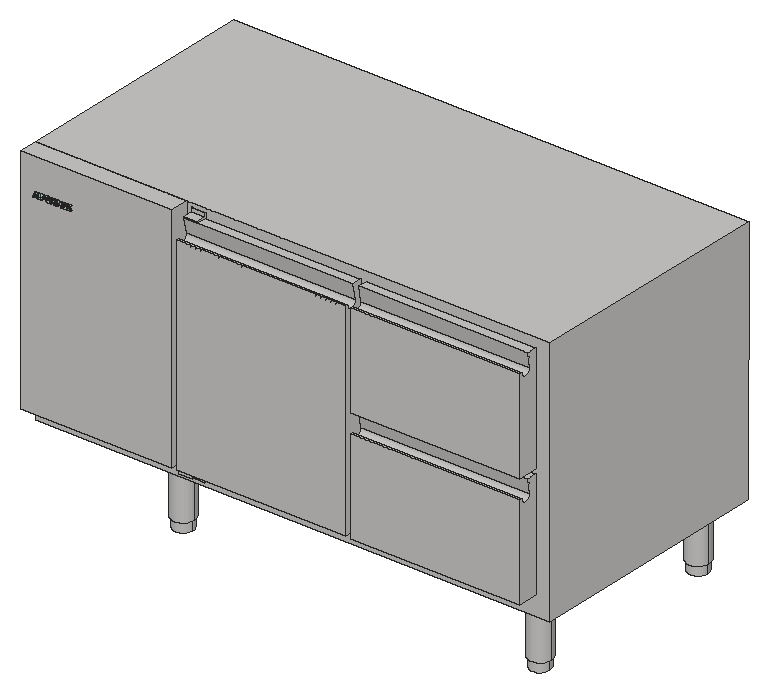
Revit family "QF_ALPENINOX_712678_AJ2F7AB", category Specialty Equipment, Revit 2018 (continued)
Definition of nested family "APX_BI_BT_L_650"
  Lines and regions (mm)
    Split face 122
      outline origin (-5, -975.3, 50) x (1, 0, 0) y (0, 1, 0)
        loop
          arc (-121.464, 661.474) -> (-117.464, 665.474) -> (-121.464, 669.474) r 4
          line (-121.464, 669.474) -> (-163.464, 669.474)
    Split face 123
      outline origin (325, -975.3, 50) x (1, 0, 0) y (0, 1, 0)
        loop
          arc (-328.464, 669.474) -> (-332.464, 665.474) -> (-328.464, 661.474) r 4
          line (-328.464, 661.474) -> (-286.464, 661.474)
          arc (-286.464, 661.474) -> (-282.464, 665.474) -> (-286.464, 669.474) r 4
          line (-286.464, 669.474) -> (-328.464, 669.474)
    Split face 124
      outline origin (105, -975.3, 50) x (1, 0, 0) y (0, 1, 0)
        loop
          arc (-218.464, 669.474) -> (-222.464, 665.474) -> (-218.464, 661.474) r 4
          line (-218.464, 661.474) -> (-176.464, 661.474)
          arc (-176.464, 661.474) -> (-172.464, 665.474) -> (-176.464, 669.474) r 4
          line (-176.464, 669.474) -> (-218.464, 669.474)
    Split face 125
      outline origin (215, -975.3, 50) x (1, 0, 0) y (0, 1, 0)
        loop
          arc (-273.464, 669.474) -> (-277.464, 665.474) -> (-273.464, 661.474) r 4
          line (-273.464, 661.474) -> (-231.464, 661.474)
          arc (-231.464, 661.474) -> (-227.464, 665.474) -> (-231.464, 669.474) r 4
          line (-231.464, 669.474) -> (-273.464, 669.474)
    Split face 126
      outline origin (-5, -999.3, 50) x (1, 0, 0) y (0, 1, 0)
        loop
          arc (-163.464, 681.474) -> (-167.464, 677.474) -> (-163.464, 673.474) r 4
          line (-163.464, 673.474) -> (-121.464, 673.474)
          arc (-121.464, 673.474) -> (-117.464, 677.474) -> (-121.464, 681.474) r 4
          line (-121.464, 681.474) -> (-163.464, 681.474)
    Split face 127
      outline origin (325, -999.3, 50) x (1, 0, 0) y (0, 1, 0)
        loop
          arc (-328.464, 681.474) -> (-332.464, 677.474) -> (-328.464, 673.474) r 4
          line (-328.464, 673.474) -> (-286.464, 673.474)
          arc (-286.464, 673.474) -> (-282.464, 677.474) -> (-286.464, 681.474) r 4
          line (-286.464, 681.474) -> (-328.464, 681.474)
    Split face 128
      outline origin (105, -999.3, 50) x (1, 0, 0) y (0, 1, 0)
        loop
          arc (-218.464, 681.474) -> (-222.464, 677.474) -> (-218.464, 673.474) r 4
          line (-218.464, 673.474) -> (-176.464, 673.474)
          arc (-176.464, 673.474) -> (-172.464, 677.474) -> (-176.464, 681.474) r 4
          line (-176.464, 681.474) -> (-218.464, 681.474)
    Split face 129
      outline origin (215, -999.3, 50) x (1, 0, 0) y (0, 1, 0)
        loop
          arc (-273.464, 681.474) -> (-277.464, 677.474) -> (-273.464, 673.474) r 4
          line (-273.464, 673.474) -> (-231.464, 673.474)
          arc (-231.464, 673.474) -> (-227.464, 677.474) -> (-231.464, 681.474) r 4
          line (-231.464, 681.474) -> (-273.464, 681.474)
    Split face 130
      outline origin (-5, -1023.3, 50) x (1, 0, 0) y (0, 1, 0)
        loop
          arc (-163.464, 693.474) -> (-167.464, 689.474) -> (-163.464, 685.474) r 4
          line (-163.464, 685.474) -> (-121.464, 685.474)
          arc (-121.464, 685.474) -> (-117.464, 689.474) -> (-121.464, 693.474) r 4
          line (-121.464, 693.474) -> (-163.464, 693.474)
    Split face 131
      outline origin (325, -1023.3, 50) x (1, 0, 0) y (0, 1, 0)
        loop
          arc (-328.464, 693.474) -> (-332.464, 689.474) -> (-328.464, 685.474) r 4
          line (-328.464, 685.474) -> (-286.464, 685.474)
          arc (-286.464, 685.474) -> (-282.464, 689.474) -> (-286.464, 693.474) r 4
          line (-286.464, 693.474) -> (-328.464, 693.474)
    Split face 132
      outline origin (105, -1023.3, 50) x (1, 0, 0) y (0, 1, 0)
        loop
          arc (-218.464, 693.474) -> (-222.464, 689.474) -> (-218.464, 685.474) r 4
          line (-218.464, 685.474) -> (-176.464, 685.474)
          arc (-176.464, 685.474) -> (-172.464, 689.474) -> (-176.464, 693.474) r 4
          line (-176.464, 693.474) -> (-218.464, 693.474)
    Split face 133
      outline origin (215, -1023.3, 50) x (1, 0, 0) y (0, 1, 0)
        loop
          arc (-273.464, 693.474) -> (-277.464, 689.474) -> (-273.464, 685.474) r 4
          line (-273.464, 685.474) -> (-231.464, 685.474)
          arc (-231.464, 685.474) -> (-227.464, 689.474) -> (-231.464, 693.474) r 4
          line (-231.464, 693.474) -> (-273.464, 693.474)
    Split face 134
      outline origin (0, 0, 50) x (1, 0, 0) y (0, 1, 0)
        loop
          arc (51.536, 131.824) -> (47.536, 127.824) -> (51.536, 123.824) r 4
          line (51.536, 123.824) -> (93.536, 123.824)
          arc (93.536, 123.824) -> (97.536, 127.824) -> (93.536, 131.824) r 4
          line (93.536, 131.824) -> (51.536, 131.824)
    Split face 135
      outline origin (0, 0, 50) x (1, 0, 0) y (0, 1, 0)
        loop
          arc (106.536, 131.824) -> (102.536, 127.824) -> (106.536, 123.824) r 4
          line (106.536, 123.824) -> (148.536, 123.824)
          arc (148.536, 123.824) -> (152.536, 127.824) -> (148.536, 131.824) r 4
          line (148.536, 131.824) -> (106.536, 131.824)
    Split face 136
      outline origin (0, -24, 50) x (1, 0, 0) y (0, 1, 0)
        loop
          arc (51.536, 143.824) -> (47.536, 139.824) -> (51.536, 135.824) r 4
          line (51.536, 135.824) -> (93.536, 135.824)
          arc (93.536, 135.824) -> (97.536, 139.824) -> (93.536, 143.824) r 4
          line (93.536, 143.824) -> (51.536, 143.824)
    Split face 137
      outline origin (0, -24, 50) x (1, 0, 0) y (0, 1, 0)
        loop
          arc (106.536, 143.824) -> (102.536, 139.824) -> (106.536, 135.824) r 4
          line (106.536, 135.824) -> (148.536, 135.824)
          arc (148.536, 135.824) -> (152.536, 139.824) -> (148.536, 143.824) r 4
          line (148.536, 143.824) -> (106.536, 143.824)
    Split face 138
      outline origin (0, -48, 50) x (1, 0, 0) y (0, 1, 0)
        loop
          arc (51.536, 155.824) -> (47.536, 151.824) -> (51.536, 147.824) r 4
          line (51.536, 147.824) -> (93.536, 147.824)
          arc (93.536, 147.824) -> (97.536, 151.824) -> (93.536, 155.824) r 4
          line (93.536, 155.824) -> (51.536, 155.824)
    Split face 139
      outline origin (0, -48, 50) x (1, 0, 0) y (0, 1, 0)
        loop
          arc (106.536, 155.824) -> (102.536, 151.824) -> (106.536, 147.824) r 4
          line (106.536, 147.824) -> (148.536, 147.824)
          arc (148.536, 147.824) -> (152.536, 151.824) -> (148.536, 155.824) r 4
          line (148.536, 155.824) -> (106.536, 155.824)
    Split face 140
      outline origin (0, -72, 50) x (1, 0, 0) y (0, 1, 0)
        loop
          arc (51.536, 167.824) -> (47.536, 163.824) -> (51.536, 159.824) r 4
          line (51.536, 159.824) -> (93.536, 159.824)
          arc (93.536, 159.824) -> (97.536, 163.824) -> (93.536, 167.824) r 4
          line (93.536, 167.824) -> (51.536, 167.824)
    Split face 141
      outline origin (0, -72, 50) x (1, 0, 0) y (0, 1, 0)
        loop
          arc (106.536, 167.824) -> (102.536, 163.824) -> (106.536, 159.824) r 4
          line (106.536, 159.824) -> (148.536, 159.824)
          arc (148.536, 159.824) -> (152.536, 163.824) -> (148.536, 167.824) r 4
          line (148.536, 167.824) -> (106.536, 167.824)
    Split face 142
      outline origin (0, -96, 50) x (1, 0, 0) y (0, 1, 0)
        loop
          arc (51.536, 179.824) -> (47.536, 175.824) -> (51.536, 171.824) r 4
          line (51.536, 171.824) -> (93.536, 171.824)
          arc (93.536, 171.824) -> (97.536, 175.824) -> (93.536, 179.824) r 4
          line (93.536, 179.824) -> (51.536, 179.824)
    Split face 143
      outline origin (0, -96, 50) x (1, 0, 0) y (0, 1, 0)
        loop
          arc (106.536, 179.824) -> (102.536, 175.824) -> (106.536, 171.824) r 4
          line (106.536, 171.824) -> (148.536, 171.824)
          arc (148.536, 171.824) -> (152.536, 175.824) -> (148.536, 179.824) r 4
          line (148.536, 179.824) -> (106.536, 179.824)
    Split face 144
      outline origin (0, -120, 50) x (1, 0, 0) y (0, 1, 0)
        loop
          arc (51.536, 191.824) -> (47.536, 187.824) -> (51.536, 183.824) r 4
          line (51.536, 183.824) -> (93.536, 183.824)
          arc (93.536, 183.824) -> (97.536, 187.824) -> (93.536, 191.824) r 4
          line (93.536, 191.824) -> (51.536, 191.824)
    Split face 145
      outline origin (0, -120, 50) x (1, 0, 0) y (0, 1, 0)
        loop
          arc (106.536, 191.824) -> (102.536, 187.824) -> (106.536, 183.824) r 4
          line (106.536, 183.824) -> (148.536, 183.824)
          arc (148.536, 183.824) -> (152.536, 187.824) -> (148.536, 191.824) r 4
          line (148.536, 191.824) -> (106.536, 191.824)
    Split face 146
      outline origin (0, -144, 50) x (1, 0, 0) y (0, 1, 0)
        loop
          arc (51.536, 203.824) -> (47.536, 199.824) -> (51.536, 195.824) r 4
          line (51.536, 195.824) -> (93.536, 195.824)
          arc (93.536, 195.824) -> (97.536, 199.824) -> (93.536, 203.824) r 4
          line (93.536, 203.824) -> (51.536, 203.824)
    Split face 147
      outline origin (0, -144, 50) x (1, 0, 0) y (0, 1, 0)
        loop
          arc (106.536, 203.824) -> (102.536, 199.824) -> (106.536, 195.824) r 4
          line (106.536, 195.824) -> (148.536, 195.824)
          arc (148.536, 195.824) -> (152.536, 199.824) -> (148.536, 203.824) r 4
          line (148.536, 203.824) -> (106.536, 203.824)
    Split face 148
      outline origin (0, -168, 50) x (1, 0, 0) y (0, 1, 0)
        loop
          arc (51.536, 215.824) -> (47.536, 211.824) -> (51.536, 207.824) r 4
          line (51.536, 207.824) -> (93.536, 207.824)
          arc (93.536, 207.824) -> (97.536, 211.824) -> (93.536, 215.824) r 4
          line (93.536, 215.824) -> (51.536, 215.824)
    Split face 149
      outline origin (0, -168, 50) x (1, 0, 0) y (0, 1, 0)
        loop
          arc (106.536, 215.824) -> (102.536, 211.824) -> (106.536, 207.824) r 4
          line (106.536, 207.824) -> (148.536, 207.824)
          arc (148.536, 207.824) -> (152.536, 211.824) -> (148.536, 215.824) r 4
          line (148.536, 215.824) -> (106.536, 215.824)
    Split face 150
      outline origin (0, -192, 50) x (1, 0, 0) y (0, 1, 0)
        loop
          arc (51.536, 227.824) -> (47.536, 223.824) -> (51.536, 219.824) r 4
          line (51.536, 219.824) -> (93.536, 219.824)
          arc (93.536, 219.824) -> (97.536, 223.824) -> (93.536, 227.824) r 4
          line (93.536, 227.824) -> (51.536, 227.824)
    Split face 151
      outline origin (0, -192, 50) x (1, 0, 0) y (0, 1, 0)
        loop
          arc (106.536, 227.824) -> (102.536, 223.824) -> (106.536, 219.824) r 4
          line (106.536, 219.824) -> (148.536, 219.824)
          arc (148.536, 219.824) -> (152.536, 223.824) -> (148.536, 227.824) r 4
          line (148.536, 227.824) -> (106.536, 227.824)
    Split face 152
      outline origin (0, -216, 50) x (1, 0, 0) y (0, 1, 0)
        loop
          arc (51.536, 239.824) -> (47.536, 235.824) -> (51.536, 231.824) r 4
          line (51.536, 231.824) -> (93.536, 231.824)
          arc (93.536, 231.824) -> (97.536, 235.824) -> (93.536, 239.824) r 4
          line (93.536, 239.824) -> (51.536, 239.824)
    Split face 153
      outline origin (0, -216, 50) x (1, 0, 0) y (0, 1, 0)
        loop
          arc (106.536, 239.824) -> (102.536, 235.824) -> (106.536, 231.824) r 4
          line (106.536, 231.824) -> (148.536, 231.824)
          arc (148.536, 231.824) -> (152.536, 235.824) -> (148.536, 239.824) r 4
          line (148.536, 239.824) -> (106.536, 239.824)
    Split face 154
      outline origin (0, -240, 50) x (1, 0, 0) y (0, 1, 0)
        loop
          arc (51.536, 251.824) -> (47.536, 247.824) -> (51.536, 243.824) r 4
          line (51.536, 243.824) -> (93.536, 243.824)
          arc (93.536, 243.824) -> (97.536, 247.824) -> (93.536, 251.824) r 4
          line (93.536, 251.824) -> (51.536, 251.824)
    Split face 155
      outline origin (0, -240, 50) x (1, 0, 0) y (0, 1, 0)
        loop
          arc (106.536, 251.824) -> (102.536, 247.824) -> (106.536, 243.824) r 4
          line (106.536, 243.824) -> (148.536, 243.824)
          arc (148.536, 243.824) -> (152.536, 247.824) -> (148.536, 251.824) r 4
          line (148.536, 251.824) -> (106.536, 251.824)
    Split face 156
      outline origin (0, -264, 50) x (1, 0, 0) y (0, 1, 0)
        loop
          arc (51.536, 263.824) -> (47.536, 259.824) -> (51.536, 255.824) r 4
          line (51.536, 255.824) -> (93.536, 255.824)
          arc (93.536, 255.824) -> (97.536, 259.824) -> (93.536, 263.824) r 4
          line (93.536, 263.824) -> (51.536, 263.824)
    Split face 157
      outline origin (0, -264, 50) x (1, 0, 0) y (0, 1, 0)
        loop
          arc (106.536, 263.824) -> (102.536, 259.824) -> (106.536, 255.824) r 4
          line (106.536, 255.824) -> (148.536, 255.824)
          arc (148.536, 255.824) -> (152.536, 259.824) -> (148.536, 263.824) r 4
          line (148.536, 263.824) -> (106.536, 263.824)
    Split face 158
      outline origin (0, -288, 50) x (1, 0, 0) y (0, 1, 0)
        loop
          arc (51.536, 275.824) -> (47.536, 271.824) -> (51.536, 267.824) r 4
          line (51.536, 267.824) -> (93.536, 267.824)
          arc (93.536, 267.824) -> (97.536, 271.824) -> (93.536, 275.824) r 4
          line (93.536, 275.824) -> (51.536, 275.824)
    Split face 159
      outline origin (0, -288, 50) x (1, 0, 0) y (0, 1, 0)
        loop
          arc (106.536, 275.824) -> (102.536, 271.824) -> (106.536, 267.824) r 4
          line (106.536, 267.824) -> (148.536, 267.824)
          arc (148.536, 267.824) -> (152.536, 271.824) -> (148.536, 275.824) r 4
          line (148.536, 275.824) -> (106.536, 275.824)
    Split face 160
      outline origin (0, -312, 50) x (1, 0, 0) y (0, 1, 0)
        loop
          arc (51.536, 287.824) -> (47.536, 283.824) -> (51.536, 279.824) r 4
          line (51.536, 279.824) -> (93.536, 279.824)
          arc (93.536, 279.824) -> (97.536, 283.824) -> (93.536, 287.824) r 4
          line (93.536, 287.824) -> (51.536, 287.824)
    Split face 161
      outline origin (0, -312, 50) x (1, 0, 0) y (0, 1, 0)
        loop
          arc (106.536, 287.824) -> (102.536, 283.824) -> (106.536, 279.824) r 4
          line (106.536, 279.824) -> (148.536, 279.824)
          arc (148.536, 279.824) -> (152.536, 283.824) -> (148.536, 287.824) r 4
          line (148.536, 287.824) -> (106.536, 287.824)
    Split face 162
      outline origin (0, -336, 50) x (1, 0, 0) y (0, 1, 0)
        loop
          arc (51.536, 299.824) -> (47.536, 295.824) -> (51.536, 291.824) r 4
          line (51.536, 291.824) -> (93.536, 291.824)
          arc (93.536, 291.824) -> (97.536, 295.824) -> (93.536, 299.824) r 4
          line (93.536, 299.824) -> (51.536, 299.824)
    Split face 163
      outline origin (0, -336, 50) x (1, 0, 0) y (0, 1, 0)
        loop
          arc (106.536, 299.824) -> (102.536, 295.824) -> (106.536, 291.824) r 4
          line (106.536, 291.824) -> (148.536, 291.824)
          arc (148.536, 291.824) -> (152.536, 295.824) -> (148.536, 299.824) r 4
          line (148.536, 299.824) -> (106.536, 299.824)
    Split face 164
      outline origin (0, -360, 50) x (1, 0, 0) y (0, 1, 0)
        loop
          arc (51.536, 311.824) -> (47.536, 307.824) -> (51.536, 303.824) r 4
          line (51.536, 303.824) -> (93.536, 303.824)
          arc (93.536, 303.824) -> (97.536, 307.824) -> (93.536, 311.824) r 4
          line (93.536, 311.824) -> (51.536, 311.824)
    Split face 165
      outline origin (0, -360, 50) x (1, 0, 0) y (0, 1, 0)
        loop
          arc (106.536, 311.824) -> (102.536, 307.824) -> (106.536, 303.824) r 4
          line (106.536, 303.824) -> (148.536, 303.824)
          arc (148.536, 303.824) -> (152.536, 307.824) -> (148.536, 311.824) r 4
          line (148.536, 311.824) -> (106.536, 311.824)
    Split face 166
      outline origin (0, -663.3, 50) x (1, 0, 0) y (0, 1, 0)
        loop
          arc (51.536, 513.474) -> (47.536, 509.474) -> (51.536, 505.474) r 4
          line (51.536, 505.474) -> (93.536, 505.474)
          arc (93.536, 505.474) -> (97.536, 509.474) -> (93.536, 513.474) r 4
          line (93.536, 513.474) -> (51.536, 513.474)
    Split face 167
      outline origin (0, -663.3, 50) x (1, 0, 0) y (0, 1, 0)
        loop
          arc (106.536, 513.474) -> (102.536, 509.474) -> (106.536, 505.474) r 4
          line (106.536, 505.474) -> (148.536, 505.474)
          arc (148.536, 505.474) -> (152.536, 509.474) -> (148.536, 513.474) r 4
          line (148.536, 513.474) -> (106.536, 513.474)
    Split face 168
      outline origin (0, -687.3, 50) x (1, 0, 0) y (0, 1, 0)
        loop
          arc (51.536, 525.474) -> (47.536, 521.474) -> (51.536, 517.474) r 4
          line (51.536, 517.474) -> (93.536, 517.474)
          arc (93.536, 517.474) -> (97.536, 521.474) -> (93.536, 525.474) r 4
          line (93.536, 525.474) -> (51.536, 525.474)
    Split face 169
      outline origin (0, -687.3, 50) x (1, 0, 0) y (0, 1, 0)
        loop
          arc (106.536, 525.474) -> (102.536, 521.474) -> (106.536, 517.474) r 4
          line (106.536, 517.474) -> (148.536, 517.474)
          arc (148.536, 517.474) -> (152.536, 521.474) -> (148.536, 525.474) r 4
          line (148.536, 525.474) -> (106.536, 525.474)
    Split face 170
      outline origin (0, -711.3, 50) x (1, 0, 0) y (0, 1, 0)
        loop
          arc (51.536, 537.474) -> (47.536, 533.474) -> (51.536, 529.474) r 4
          line (51.536, 529.474) -> (93.536, 529.474)
          arc (93.536, 529.474) -> (97.536, 533.474) -> (93.536, 537.474) r 4
          line (93.536, 537.474) -> (51.536, 537.474)
    Split face 171
      outline origin (0, -711.3, 50) x (1, 0, 0) y (0, 1, 0)
        loop
          arc (106.536, 537.474) -> (102.536, 533.474) -> (106.536, 529.474) r 4
          line (106.536, 529.474) -> (148.536, 529.474)
          arc (148.536, 529.474) -> (152.536, 533.474) -> (148.536, 537.474) r 4
          line (148.536, 537.474) -> (106.536, 537.474)
    Split face 172
      outline origin (0, -735.3, 50) x (1, 0, 0) y (0, 1, 0)
        loop
          arc (51.536, 549.474) -> (47.536, 545.474) -> (51.536, 541.474) r 4
          line (51.536, 541.474) -> (93.536, 541.474)
          arc (93.536, 541.474) -> (97.536, 545.474) -> (93.536, 549.474) r 4
          line (93.536, 549.474) -> (51.536, 549.474)
    Split face 173
      outline origin (0, -735.3, 50) x (1, 0, 0) y (0, 1, 0)
        loop
          arc (106.536, 549.474) -> (102.536, 545.474) -> (106.536, 541.474) r 4
          line (106.536, 541.474) -> (148.536, 541.474)
          arc (148.536, 541.474) -> (152.536, 545.474) -> (148.536, 549.474) r 4
          line (148.536, 549.474) -> (106.536, 549.474)
    Split face 174
      outline origin (0, -759.3, 50) x (1, 0, 0) y (0, 1, 0)
        loop
          arc (51.536, 561.474) -> (47.536, 557.474) -> (51.536, 553.474) r 4
          line (51.536, 553.474) -> (93.536, 553.474)
          arc (93.536, 553.474) -> (97.536, 557.474) -> (93.536, 561.474) r 4
          line (93.536, 561.474) -> (51.536, 561.474)
    Split face 175
      outline origin (0, -759.3, 50) x (1, 0, 0) y (0, 1, 0)
        loop
          arc (106.536, 561.474) -> (102.536, 557.474) -> (106.536, 553.474) r 4
          line (106.536, 553.474) -> (148.536, 553.474)
          arc (148.536, 553.474) -> (152.536, 557.474) -> (148.536, 561.474) r 4
          line (148.536, 561.474) -> (106.536, 561.474)
    Split face 176
      outline origin (0, -783.3, 50) x (1, 0, 0) y (0, 1, 0)
        loop
          arc (51.536, 573.474) -> (47.536, 569.474) -> (51.536, 565.474) r 4
          line (51.536, 565.474) -> (93.536, 565.474)
          arc (93.536, 565.474) -> (97.536, 569.474) -> (93.536, 573.474) r 4
          line (93.536, 573.474) -> (51.536, 573.474)
    Split face 177
      outline origin (0, -783.3, 50) x (1, 0, 0) y (0, 1, 0)
        loop
          arc (106.536, 573.474) -> (102.536, 569.474) -> (106.536, 565.474) r 4
          line (106.536, 565.474) -> (148.536, 565.474)
          arc (148.536, 565.474) -> (152.536, 569.474) -> (148.536, 573.474) r 4
          line (148.536, 573.474) -> (106.536, 573.474)
    Split face 178
      outline origin (0, -807.3, 50) x (1, 0, 0) y (0, 1, 0)
        loop
          arc (51.536, 585.474) -> (47.536, 581.474) -> (51.536, 577.474) r 4
          line (51.536, 577.474) -> (93.536, 577.474)
          arc (93.536, 577.474) -> (97.536, 581.474) -> (93.536, 585.474) r 4
          line (93.536, 585.474) -> (51.536, 585.474)
    Split face 179
      outline origin (0, -807.3, 50) x (1, 0, 0) y (0, 1, 0)
        loop
          arc (106.536, 585.474) -> (102.536, 581.474) -> (106.536, 577.474) r 4
          line (106.536, 577.474) -> (148.536, 577.474)
          arc (148.536, 577.474) -> (152.536, 581.474) -> (148.536, 585.474) r 4
          line (148.536, 585.474) -> (106.536, 585.474)
    Split face 180
      outline origin (0, -831.3, 50) x (1, 0, 0) y (0, 1, 0)
        loop
          arc (51.536, 597.474) -> (47.536, 593.474) -> (51.536, 589.474) r 4
          line (51.536, 589.474) -> (93.536, 589.474)
          arc (93.536, 589.474) -> (97.536, 593.474) -> (93.536, 597.474) r 4
          line (93.536, 597.474) -> (51.536, 597.474)
    Split face 181
      outline origin (0, -831.3, 50) x (1, 0, 0) y (0, 1, 0)
        loop
          arc (106.536, 597.474) -> (102.536, 593.474) -> (106.536, 589.474) r 4
          line (106.536, 589.474) -> (148.536, 589.474)
          arc (148.536, 589.474) -> (152.536, 593.474) -> (148.536, 597.474) r 4
          line (148.536, 597.474) -> (106.536, 597.474)
    Split face 182
      outline origin (0, -855.3, 50) x (1, 0, 0) y (0, 1, 0)
        loop
          arc (51.536, 609.474) -> (47.536, 605.474) -> (51.536, 601.474) r 4
          line (51.536, 601.474) -> (93.536, 601.474)
          arc (93.536, 601.474) -> (97.536, 605.474) -> (93.536, 609.474) r 4
          line (93.536, 609.474) -> (51.536, 609.474)
    Split face 183
      outline origin (0, -855.3, 50) x (1, 0, 0) y (0, 1, 0)
        loop
          arc (106.536, 609.474) -> (102.536, 605.474) -> (106.536, 601.474) r 4
          line (106.536, 601.474) -> (148.536, 601.474)
          arc (148.536, 601.474) -> (152.536, 605.474) -> (148.536, 609.474) r 4
          line (148.536, 609.474) -> (106.536, 609.474)
    Split face 184
      outline origin (0, -879.3, 50) x (1, 0, 0) y (0, 1, 0)
        loop
          arc (51.536, 621.474) -> (47.536, 617.474) -> (51.536, 613.474) r 4
          line (51.536, 613.474) -> (93.536, 613.474)
          arc (93.536, 613.474) -> (97.536, 617.474) -> (93.536, 621.474) r 4
          line (93.536, 621.474) -> (51.536, 621.474)
    Split face 185
      outline origin (0, -879.3, 50) x (1, 0, 0) y (0, 1, 0)
        loop
          arc (106.536, 621.474) -> (102.536, 617.474) -> (106.536, 613.474) r 4
          line (106.536, 613.474) -> (148.536, 613.474)
          arc (148.536, 613.474) -> (152.536, 617.474) -> (148.536, 621.474) r 4
          line (148.536, 621.474) -> (106.536, 621.474)
    Split face 186
      outline origin (0, -903.3, 50) x (1, 0, 0) y (0, 1, 0)
        loop
          arc (51.536, 633.474) -> (47.536, 629.474) -> (51.536, 625.474) r 4
          line (51.536, 625.474) -> (93.536, 625.474)
          arc (93.536, 625.474) -> (97.536, 629.474) -> (93.536, 633.474) r 4
          line (93.536, 633.474) -> (51.536, 633.474)
    Split face 187
      outline origin (0, -903.3, 50) x (1, 0, 0) y (0, 1, 0)
        loop
          arc (106.536, 633.474) -> (102.536, 629.474) -> (106.536, 625.474) r 4
          line (106.536, 625.474) -> (148.536, 625.474)
          arc (148.536, 625.474) -> (152.536, 629.474) -> (148.536, 633.474) r 4
          line (148.536, 633.474) -> (106.536, 633.474)
    Split face 188
      outline origin (0, -927.3, 50) x (1, 0, 0) y (0, 1, 0)
        loop
          arc (51.536, 645.474) -> (47.536, 641.474) -> (51.536, 637.474) r 4
          line (51.536, 637.474) -> (93.536, 637.474)
          arc (93.536, 637.474) -> (97.536, 641.474) -> (93.536, 645.474) r 4
          line (93.536, 645.474) -> (51.536, 645.474)
    Split face 189
      outline origin (0, -927.3, 50) x (1, 0, 0) y (0, 1, 0)
        loop
          arc (106.536, 645.474) -> (102.536, 641.474) -> (106.536, 637.474) r 4
          line (106.536, 637.474) -> (148.536, 637.474)
          arc (148.536, 637.474) -> (152.536, 641.474) -> (148.536, 645.474) r 4
          line (148.536, 645.474) -> (106.536, 645.474)
    Split face 190
      outline origin (0, -951.3, 50) x (1, 0, 0) y (0, 1, 0)
        loop
          arc (51.536, 657.474) -> (47.536, 653.474) -> (51.536, 649.474) r 4
          line (51.536, 649.474) -> (93.536, 649.474)
          arc (93.536, 649.474) -> (97.536, 653.474) -> (93.536, 657.474) r 4
          line (93.536, 657.474) -> (51.536, 657.474)
    Split face 191
      outline origin (0, -951.3, 50) x (1, 0, 0) y (0, 1, 0)
        loop
          arc (106.536, 657.474) -> (102.536, 653.474) -> (106.536, 649.474) r 4
          line (106.536, 649.474) -> (148.536, 649.474)
          arc (148.536, 649.474) -> (152.536, 653.474) -> (148.536, 657.474) r 4
          line (148.536, 657.474) -> (106.536, 657.474)
    Split face 192
      outline origin (0, -975.3, 50) x (1, 0, 0) y (0, 1, 0)
        loop
          arc (51.536, 669.474) -> (47.536, 665.474) -> (51.536, 661.474) r 4
          line (51.536, 661.474) -> (93.536, 661.474)
          arc (93.536, 661.474) -> (97.536, 665.474) -> (93.536, 669.474) r 4
          line (93.536, 669.474) -> (51.536, 669.474)
    Split face 193
      outline origin (0, -975.3, 50) x (1, 0, 0) y (0, 1, 0)
        loop
          arc (106.536, 669.474) -> (102.536, 665.474) -> (106.536, 661.474) r 4
          line (106.536, 661.474) -> (148.536, 661.474)
          arc (148.536, 661.474) -> (152.536, 665.474) -> (148.536, 669.474) r 4
          line (148.536, 669.474) -> (106.536, 669.474)
    Split face 194
      outline origin (0, -999.3, 50) x (1, 0, 0) y (0, 1, 0)
        loop
          arc (51.536, 681.474) -> (47.536, 677.474) -> (51.536, 673.474) r 4
          line (51.536, 673.474) -> (93.536, 673.474)
          arc (93.536, 673.474) -> (97.536, 677.474) -> (93.536, 681.474) r 4
          line (93.536, 681.474) -> (51.536, 681.474)
    Split face 195
      outline origin (0, -999.3, 50) x (1, 0, 0) y (0, 1, 0)
        loop
          arc (106.536, 681.474) -> (102.536, 677.474) -> (106.536, 673.474) r 4
          line (106.536, 673.474) -> (148.536, 673.474)
          arc (148.536, 673.474) -> (152.536, 677.474) -> (148.536, 681.474) r 4
          line (148.536, 681.474) -> (106.536, 681.474)
    Split face 196
      outline origin (0, -1023.3, 50) x (1, 0, 0) y (0, 1, 0)
        loop
          arc (51.536, 693.474) -> (47.536, 689.474) -> (51.536, 685.474) r 4
          line (51.536, 685.474) -> (93.536, 685.474)
          arc (93.536, 685.474) -> (97.536, 689.474) -> (93.536, 693.474) r 4
          line (93.536, 693.474) -> (51.536, 693.474)
    Split face 197
      outline origin (0, -1023.3, 50) x (1, 0, 0) y (0, 1, 0)
        loop
          arc (106.536, 693.474) -> (102.536, 689.474) -> (106.536, 685.474) r 4
          line (106.536, 685.474) -> (148.536, 685.474)
          arc (148.536, 685.474) -> (152.536, 689.474) -> (148.536, 693.474) r 4
          line (148.536, 693.474) -> (106.536, 693.474)
    Split face 198
      outline origin (100, 0, 50) x (1, 0, 0) y (0, 1, 0)
        loop
          line (87.08, 183) -> (-272.92, 183)
          arc (-272.92, 183) -> (-290.42, 165.5) -> (-272.92, 148) r 17.5
          line (-272.92, 148) -> (87.08, 148)
    symbolic lines
      curve 1: line (187.08, -49, 50) -> (187.08, -49, 0)
  Dimensions and locks
    equal spacing: plane 4, plane 3 "Center (Left/Right)", plane 5
    equal spacing: plane 6, plane 1 "Center (Front/Back)", plane 7
    aligned and locked: plane 2 to Extrusion 1
    aligned and locked: level to Extrusion 1
  Automatic sketch dimensions
    Split face 4 sketch curve to Split face 4 sketch curve = 42 mm
    Split face 4 sketch curve to Split face 4 sketch curve = 4 mm
    Split face 5 sketch curve to Split face 5 sketch curve = 42 mm
    Split face 5 sketch curve to Split face 5 sketch curve = 4 mm
    Split face 6 sketch curve to Split face 6 sketch curve = 42 mm
    Split face 6 sketch curve to Split face 6 sketch curve = 4 mm
    Split face 7 sketch curve to Split face 7 sketch curve = 42 mm
    Split face 7 sketch curve to Split face 7 sketch curve = 4 mm
    Split face 8 sketch curve to Split face 8 sketch curve = 42 mm
    Split face 8 sketch curve to Split face 8 sketch curve = 4 mm
    Split face 9 sketch curve to Split face 9 sketch curve = 42 mm
    Split face 9 sketch curve to Split face 9 sketch curve = 4 mm
    Split face 10 sketch curve to Split face 10 sketch curve = 42 mm
    Split face 10 sketch curve to Split face 10 sketch curve = 4 mm
    Split face 11 sketch curve to Split face 11 sketch curve = 42 mm
    Split face 11 sketch curve to Split face 11 sketch curve = 4 mm
    Split face 12 sketch curve to Split face 12 sketch curve = 42 mm
    Split face 12 sketch curve to Split face 12 sketch curve = 4 mm
    Split face 13 sketch curve to Split face 13 sketch curve = 42 mm
    Split face 13 sketch curve to Split face 13 sketch curve = 4 mm
    Split face 14 sketch curve to Split face 14 sketch curve = 42 mm
    Split face 14 sketch curve to Split face 14 sketch curve = 4 mm
    Split face 15 sketch curve to Split face 15 sketch curve = 42 mm
    Split face 15 sketch curve to Split face 15 sketch curve = 4 mm
    Split face 16 sketch curve to Split face 16 sketch curve = 42 mm
    Split face 16 sketch curve to Split face 16 sketch curve = 4 mm
    Split face 17 sketch curve to Split face 17 sketch curve = 42 mm
    Split face 17 sketch curve to Split face 17 sketch curve = 4 mm
    Split face 18 sketch curve to Split face 18 sketch curve = 42 mm
    Split face 18 sketch curve to Split face 18 sketch curve = 4 mm
    Split face 19 sketch curve to Split face 19 sketch curve = 42 mm
    Split face 19 sketch curve to Split face 19 sketch curve = 4 mm
    Split face 20 sketch curve to Split face 20 sketch curve = 42 mm
    Split face 20 sketch curve to Split face 20 sketch curve = 4 mm
    Split face 21 sketch curve to Split face 21 sketch curve = 42 mm
    Split face 21 sketch curve to Split face 21 sketch curve = 4 mm
    Split face 22 sketch curve to Split face 22 sketch curve = 42 mm
    Split face 22 sketch curve to Split face 22 sketch curve = 4 mm
    Split face 23 sketch curve to Split face 23 sketch curve = 42 mm
    Split face 23 sketch curve to Split face 23 sketch curve = 4 mm
    Split face 24 sketch curve to Split face 24 sketch curve = 42 mm
    Split face 24 sketch curve to Split face 24 sketch curve = 4 mm
    Split face 25 sketch curve to Split face 25 sketch curve = 42 mm
    Split face 25 sketch curve to Split face 25 sketch curve = 4 mm
    Split face 26 sketch curve to Split face 26 sketch curve = 42 mm
    Split face 26 sketch curve to Split face 26 sketch curve = 4 mm
    Split face 27 sketch curve to Split face 27 sketch curve = 42 mm
    Split face 27 sketch curve to Split face 27 sketch curve = 4 mm
    Split face 28 sketch curve to Split face 28 sketch curve = 42 mm
    Split face 28 sketch curve to Split face 28 sketch curve = 4 mm
    Split face 29 sketch curve to Split face 29 sketch curve = 42 mm
    Split face 29 sketch curve to Split face 29 sketch curve = 4 mm
    Split face 30 sketch curve to Split face 30 sketch curve = 42 mm
    Split face 30 sketch curve to Split face 30 sketch curve = 4 mm
    Split face 31 sketch curve to Split face 31 sketch curve = 42 mm
    Split face 31 sketch curve to Split face 31 sketch curve = 4 mm
    Split face 32 sketch curve to Split face 32 sketch curve = 42 mm
    Split face 32 sketch curve to Split face 32 sketch curve = 4 mm
    Split face 33 sketch curve to Split face 33 sketch curve = 42 mm
    Split face 33 sketch curve to Split face 33 sketch curve = 4 mm
    Split face 34 sketch curve to Split face 34 sketch curve = 42 mm
    Split face 34 sketch curve to Split face 34 sketch curve = 4 mm
    Split face 35 sketch curve to Split face 35 sketch curve = 42 mm
    Split face 35 sketch curve to Split face 35 sketch curve = 4 mm
    Split face 36 sketch curve to Split face 36 sketch curve = 42 mm
    Split face 36 sketch curve to Split face 36 sketch curve = 4 mm
    Split face 37 sketch curve to Split face 37 sketch curve = 42 mm
    Split face 37 sketch curve to Split face 37 sketch curve = 4 mm
    Split face 38 sketch curve to Split face 38 sketch curve = 42 mm
    Split face 38 sketch curve to Split face 38 sketch curve = 4 mm
    Split face 39 sketch curve to Split face 39 sketch curve = 42 mm
    Split face 39 sketch curve to Split face 39 sketch curve = 4 mm
    Split face 40 sketch curve to Split face 40 sketch curve = 42 mm
    Split face 40 sketch curve to Split face 40 sketch curve = 4 mm
    Split face 41 sketch curve to Split face 41 sketch curve = 42 mm
    Split face 41 sketch curve to Split face 41 sketch curve = 4 mm
    Split face 42 sketch curve to Split face 42 sketch curve = 42 mm
    Split face 42 sketch curve to Split face 42 sketch curve = 4 mm
    Split face 43 sketch curve to Split face 43 sketch curve = 42 mm
    Split face 43 sketch curve to Split face 43 sketch curve = 4 mm
    Split face 44 sketch curve to Split face 44 sketch curve = 42 mm
    Split face 44 sketch curve to Split face 44 sketch curve = 4 mm
    Split face 45 sketch curve to Split face 45 sketch curve = 42 mm
    Split face 45 sketch curve to Split face 45 sketch curve = 4 mm
    Split face 46 sketch curve to Split face 46 sketch curve = 42 mm
    Split face 46 sketch curve to Split face 46 sketch curve = 4 mm
    Split face 47 sketch curve to Split face 47 sketch curve = 42 mm
    Split face 47 sketch curve to Split face 47 sketch curve = 4 mm
    Split face 48 sketch curve to Split face 48 sketch curve = 42 mm
    Split face 48 sketch curve to Split face 48 sketch curve = 4 mm
    Split face 49 sketch curve to Split face 49 sketch curve = 42 mm
    Split face 49 sketch curve to Split face 49 sketch curve = 4 mm
    Split face 50 sketch curve to Split face 50 sketch curve = 42 mm
    Split face 50 sketch curve to Split face 50 sketch curve = 4 mm
    Split face 51 sketch curve to Split face 51 sketch curve = 42 mm
    Split face 51 sketch curve to Split face 51 sketch curve = 4 mm
    Split face 52 sketch curve to Split face 52 sketch curve = 42 mm
    Split face 52 sketch curve to Split face 52 sketch curve = 4 mm
    Split face 53 sketch curve to Split face 53 sketch curve = 42 mm
    Split face 53 sketch curve to Split face 53 sketch curve = 4 mm
    Split face 54 sketch curve to Split face 54 sketch curve = 42 mm
    Split face 54 sketch curve to Split face 54 sketch curve = 4 mm
    Split face 55 sketch curve to Split face 55 sketch curve = 42 mm
    Split face 55 sketch curve to Split face 55 sketch curve = 4 mm
    Split face 56 sketch curve to Split face 56 sketch curve = 42 mm
    Split face 56 sketch curve to Split face 56 sketch curve = 4 mm
    Split face 57 sketch curve to Split face 57 sketch curve = 42 mm
    Split face 57 sketch curve to Split face 57 sketch curve = 4 mm
    Split face 58 sketch curve to Split face 58 sketch curve = 42 mm
    Split face 58 sketch curve to Split face 58 sketch curve = 4 mm
    Split face 59 sketch curve to Split face 59 sketch curve = 42 mm
    Split face 59 sketch curve to Split face 59 sketch curve = 4 mm
    Split face 60 sketch curve to Split face 60 sketch curve = 42 mm
    Split face 60 sketch curve to Split face 60 sketch curve = 4 mm
    Split face 61 sketch curve to Split face 61 sketch curve = 42 mm
    Split face 61 sketch curve to Split face 61 sketch curve = 4 mm
    Split face 62 sketch curve to Split face 62 sketch curve = 42 mm
    Split face 62 sketch curve to Split face 62 sketch curve = 4 mm
    Split face 63 sketch curve to Split face 63 sketch curve = 42 mm
    Split face 63 sketch curve to Split face 63 sketch curve = 4 mm
    Split face 64 sketch curve to Split face 64 sketch curve = 42 mm
    Split face 64 sketch curve to Split face 64 sketch curve = 4 mm
    Split face 65 sketch curve to Split face 65 sketch curve = 42 mm
    Split face 65 sketch curve to Split face 65 sketch curve = 4 mm
    Split face 66 sketch curve to Split face 66 sketch curve = 42 mm
    Split face 66 sketch curve to Split face 66 sketch curve = 4 mm
    Split face 67 sketch curve to Split face 67 sketch curve = 42 mm
    Split face 67 sketch curve to Split face 67 sketch curve = 4 mm
    Split face 68 sketch curve to Split face 68 sketch curve = 42 mm
    Split face 68 sketch curve to Split face 68 sketch curve = 4 mm
    Split face 70 sketch curve to Split face 70 sketch curve = 42 mm
    Split face 70 sketch curve to Split face 70 sketch curve = 4 mm
    Split face 71 sketch curve to Split face 71 sketch curve = 42 mm
    Split face 71 sketch curve to Split face 71 sketch curve = 4 mm
    Split face 72 sketch curve to Split face 72 sketch curve = 42 mm
    Split face 72 sketch curve to Split face 72 sketch curve = 4 mm
    Split face 73 sketch curve to Split face 73 sketch curve = 42 mm
    Split face 73 sketch curve to Split face 73 sketch curve = 4 mm
    Split face 74 sketch curve to Split face 74 sketch curve = 42 mm
    Split face 74 sketch curve to Split face 74 sketch curve = 4 mm
    Split face 75 sketch curve to Split face 75 sketch curve = 42 mm
    Split face 75 sketch curve to Split face 75 sketch curve = 4 mm
    Split face 76 sketch curve to Split face 76 sketch curve = 42 mm
    Split face 76 sketch curve to Split face 76 sketch curve = 4 mm
    Split face 77 sketch curve to Split face 77 sketch curve = 42 mm
    Split face 77 sketch curve to Split face 77 sketch curve = 4 mm
    Split face 78 sketch curve to Split face 78 sketch curve = 42 mm
    Split face 78 sketch curve to Split face 78 sketch curve = 4 mm
    Split face 79 sketch curve to Split face 79 sketch curve = 42 mm
    Split face 79 sketch curve to Split face 79 sketch curve = 4 mm
    Split face 80 sketch curve to Split face 80 sketch curve = 42 mm
    Split face 80 sketch curve to Split face 80 sketch curve = 4 mm
    Split face 81 sketch curve to Split face 81 sketch curve = 42 mm
    Split face 81 sketch curve to Split face 81 sketch curve = 4 mm
    Split face 82 sketch curve to Split face 82 sketch curve = 42 mm
    Split face 82 sketch curve to Split face 82 sketch curve = 4 mm
    Split face 83 sketch curve to Split face 83 sketch curve = 42 mm
    Split face 83 sketch curve to Split face 83 sketch curve = 4 mm
    Split face 84 sketch curve to Split face 84 sketch curve = 42 mm
    Split face 84 sketch curve to Split face 84 sketch curve = 4 mm
    Split face 85 sketch curve to Split face 85 sketch curve = 42 mm
    Split face 85 sketch curve to Split face 85 sketch curve = 4 mm
    Split face 86 sketch curve to Split face 86 sketch curve = 42 mm
    Split face 86 sketch curve to Split face 86 sketch curve = 4 mm
    Split face 87 sketch curve to Split face 87 sketch curve = 42 mm
    Split face 87 sketch curve to Split face 87 sketch curve = 4 mm
    Split face 88 sketch curve to Split face 88 sketch curve = 42 mm
    Split face 88 sketch curve to Split face 88 sketch curve = 4 mm
    Split face 89 sketch curve to Split face 89 sketch curve = 42 mm
    Split face 89 sketch curve to Split face 89 sketch curve = 4 mm
    Split face 90 sketch curve to Split face 90 sketch curve = 42 mm
    Split face 90 sketch curve to Split face 90 sketch curve = 4 mm
    Split face 91 sketch curve to Split face 91 sketch curve = 42 mm
    Split face 91 sketch curve to Split face 91 sketch curve = 4 mm
    Split face 92 sketch curve to Split face 92 sketch curve = 42 mm
    Split face 92 sketch curve to Split face 92 sketch curve = 4 mm
    Split face 93 sketch curve to Split face 93 sketch curve = 42 mm
    Split face 93 sketch curve to Split face 93 sketch curve = 4 mm
    Split face 94 sketch curve to Split face 94 sketch curve = 42 mm
    Split face 94 sketch curve to Split face 94 sketch curve = 4 mm
    Split face 95 sketch curve to Split face 95 sketch curve = 42 mm
    Split face 95 sketch curve to Split face 95 sketch curve = 4 mm
    Split face 96 sketch curve to Split face 96 sketch curve = 42 mm
    Split face 96 sketch curve to Split face 96 sketch curve = 4 mm
    Split face 97 sketch curve to Split face 97 sketch curve = 42 mm
    Split face 97 sketch curve to Split face 97 sketch curve = 4 mm
    Split face 98 sketch curve to Split face 98 sketch curve = 42 mm
    Split face 98 sketch curve to Split face 98 sketch curve = 4 mm
    Split face 99 sketch curve to Split face 99 sketch curve = 42 mm
    Split face 99 sketch curve to Split face 99 sketch curve = 4 mm
    Split face 100 sketch curve to Split face 100 sketch curve = 42 mm
    Split face 100 sketch curve to Split face 100 sketch curve = 4 mm
    Split face 101 sketch curve to Split face 101 sketch curve = 42 mm
    Split face 101 sketch curve to Split face 101 sketch curve = 4 mm
    Split face 102 sketch curve to Split face 102 sketch curve = 42 mm
    Split face 102 sketch curve to Split face 102 sketch curve = 4 mm
    Split face 103 sketch curve to Split face 103 sketch curve = 42 mm
    Split face 103 sketch curve to Split face 103 sketch curve = 4 mm
    Split face 104 sketch curve to Split face 104 sketch curve = 42 mm
    Split face 104 sketch curve to Split face 104 sketch curve = 4 mm
    Split face 105 sketch curve to Split face 105 sketch curve = 42 mm
    Split face 105 sketch curve to Split face 105 sketch curve = 4 mm
    Split face 106 sketch curve to Split face 106 sketch curve = 42 mm
    Split face 106 sketch curve to Split face 106 sketch curve = 4 mm
    Split face 107 sketch curve to Split face 107 sketch curve = 42 mm
    Split face 107 sketch curve to Split face 107 sketch curve = 4 mm
    Split face 108 sketch curve to Split face 108 sketch curve = 42 mm
    Split face 108 sketch curve to Split face 108 sketch curve = 4 mm
    Split face 109 sketch curve to Split face 109 sketch curve = 42 mm
    Split face 109 sketch curve to Split face 109 sketch curve = 4 mm
    Split face 110 sketch curve to Split face 110 sketch curve = 42 mm
    Split face 110 sketch curve to Split face 110 sketch curve = 4 mm
    Split face 111 sketch curve to Split face 111 sketch curve = 42 mm
    Split face 111 sketch curve to Split face 111 sketch curve = 4 mm
    Split face 112 sketch curve to Split face 112 sketch curve = 42 mm
    Split face 112 sketch curve to Split face 112 sketch curve = 4 mm
    Split face 113 sketch curve to Split face 113 sketch curve = 42 mm
    Split face 113 sketch curve to Split face 113 sketch curve = 4 mm
    Split face 114 sketch curve to Split face 114 sketch curve = 42 mm
    Split face 114 sketch curve to Split face 114 sketch curve = 4 mm
    Split face 115 sketch curve to Split face 115 sketch curve = 42 mm
    Split face 115 sketch curve to Split face 115 sketch curve = 4 mm
    Split face 116 sketch curve to Split face 116 sketch curve = 42 mm
    Split face 116 sketch curve to Split face 116 sketch curve = 4 mm
    Split face 117 sketch curve to Split face 117 sketch curve = 42 mm
    Split face 117 sketch curve to Split face 117 sketch curve = 4 mm
    Split face 118 sketch curve to Split face 118 sketch curve = 42 mm
    Split face 118 sketch curve to Split face 118 sketch curve = 4 mm
    Split face 119 sketch curve to Split face 119 sketch curve = 42 mm
    Split face 119 sketch curve to Split face 119 sketch curve = 4 mm
    Split face 120 sketch curve to Split face 120 sketch curve = 42 mm
    Split face 120 sketch curve to Split face 120 sketch curve = 4 mm
    Split face 121 sketch curve to Split face 121 sketch curve = 42 mm
    Split face 121 sketch curve to Split face 121 sketch curve = 4 mm
    Split face 122 sketch curve to Split face 122 sketch curve = 42 mm
    Split face 122 sketch curve to Split face 122 sketch curve = 4 mm
    Split face 123 sketch curve to Split face 123 sketch curve = 42 mm
    Split face 123 sketch curve to Split face 123 sketch curve = 4 mm
    Split face 124 sketch curve to Split face 124 sketch curve = 42 mm
    Split face 124 sketch curve to Split face 124 sketch curve = 4 mm
    Split face 125 sketch curve to Split face 125 sketch curve = 42 mm
    Split face 125 sketch curve to Split face 125 sketch curve = 4 mm
    Split face 126 sketch curve to Split face 126 sketch curve = 42 mm
    Split face 126 sketch curve to Split face 126 sketch curve = 4 mm
    Split face 127 sketch curve to Split face 127 sketch curve = 42 mm
    Split face 127 sketch curve to Split face 127 sketch curve = 4 mm
    Split face 128 sketch curve to Split face 128 sketch curve = 42 mm
    Split face 128 sketch curve to Split face 128 sketch curve = 4 mm
    Split face 129 sketch curve to Split face 129 sketch curve = 42 mm
    Split face 129 sketch curve to Split face 129 sketch curve = 4 mm
    Split face 130 sketch curve to Split face 130 sketch curve = 42 mm
    Split face 130 sketch curve to Split face 130 sketch curve = 4 mm
    Split face 131 sketch curve to Split face 131 sketch curve = 42 mm
    Split face 131 sketch curve to Split face 131 sketch curve = 4 mm
    Split face 132 sketch curve to Split face 132 sketch curve = 42 mm
    Split face 132 sketch curve to Split face 132 sketch curve = 4 mm
    Split face 133 sketch curve to Split face 133 sketch curve = 42 mm
    Split face 133 sketch curve to Split face 133 sketch curve = 4 mm
    Split face 134 sketch curve to Split face 134 sketch curve = 4 mm
    Split face 134 sketch curve to Split face 134 sketch curve = 42 mm
    Split face 135 sketch curve to Split face 135 sketch curve = 4 mm
    Split face 135 sketch curve to Split face 135 sketch curve = 42 mm
    Split face 136 sketch curve to Split face 136 sketch curve = 42 mm
    Split face 136 sketch curve to Split face 136 sketch curve = 4 mm
    Split face 137 sketch curve to Split face 137 sketch curve = 42 mm
    Split face 137 sketch curve to Split face 137 sketch curve = 4 mm
    Split face 138 sketch curve to Split face 138 sketch curve = 42 mm
    Split face 138 sketch curve to Split face 138 sketch curve = 4 mm
    Split face 139 sketch curve to Split face 139 sketch curve = 42 mm
    Split face 139 sketch curve to Split face 139 sketch curve = 4 mm
    Split face 140 sketch curve to Split face 140 sketch curve = 42 mm
    Split face 140 sketch curve to Split face 140 sketch curve = 4 mm
    Split face 141 sketch curve to Split face 141 sketch curve = 42 mm
    Split face 141 sketch curve to Split face 141 sketch curve = 4 mm
    Split face 142 sketch curve to Split face 142 sketch curve = 42 mm
    Split face 142 sketch curve to Split face 142 sketch curve = 4 mm
    Split face 143 sketch curve to Split face 143 sketch curve = 42 mm
    Split face 143 sketch curve to Split face 143 sketch curve = 4 mm
    Split face 144 sketch curve to Split face 144 sketch curve = 42 mm
    Split face 144 sketch curve to Split face 144 sketch curve = 4 mm
    Split face 145 sketch curve to Split face 145 sketch curve = 42 mm
    Split face 145 sketch curve to Split face 145 sketch curve = 4 mm
    Split face 146 sketch curve to Split face 146 sketch curve = 42 mm
    Split face 146 sketch curve to Split face 146 sketch curve = 4 mm
    Split face 147 sketch curve to Split face 147 sketch curve = 42 mm
    Split face 147 sketch curve to Split face 147 sketch curve = 4 mm
    Split face 148 sketch curve to Split face 148 sketch curve = 42 mm
    Split face 148 sketch curve to Split face 148 sketch curve = 4 mm
    Split face 149 sketch curve to Split face 149 sketch curve = 42 mm
    Split face 149 sketch curve to Split face 149 sketch curve = 4 mm
    Split face 150 sketch curve to Split face 150 sketch curve = 42 mm
    Split face 150 sketch curve to Split face 150 sketch curve = 4 mm
    Split face 151 sketch curve to Split face 151 sketch curve = 42 mm
    Split face 151 sketch curve to Split face 151 sketch curve = 4 mm
    Split face 152 sketch curve to Split face 152 sketch curve = 42 mm
    Split face 152 sketch curve to Split face 152 sketch curve = 4 mm
    Split face 153 sketch curve to Split face 153 sketch curve = 42 mm
    Split face 153 sketch curve to Split face 153 sketch curve = 4 mm
    Split face 154 sketch curve to Split face 154 sketch curve = 42 mm
    Split face 154 sketch curve to Split face 154 sketch curve = 4 mm
    Split face 155 sketch curve to Split face 155 sketch curve = 42 mm
    Split face 155 sketch curve to Split face 155 sketch curve = 4 mm
    Split face 156 sketch curve to Split face 156 sketch curve = 42 mm
    Split face 156 sketch curve to Split face 156 sketch curve = 4 mm
    Split face 157 sketch curve to Split face 157 sketch curve = 42 mm
    Split face 157 sketch curve to Split face 157 sketch curve = 4 mm
    Split face 158 sketch curve to Split face 158 sketch curve = 42 mm
    Split face 158 sketch curve to Split face 158 sketch curve = 4 mm
    Split face 159 sketch curve to Split face 159 sketch curve = 42 mm
    Split face 159 sketch curve to Split face 159 sketch curve = 4 mm
    Split face 160 sketch curve to Split face 160 sketch curve = 42 mm
    Split face 160 sketch curve to Split face 160 sketch curve = 4 mm
    Split face 161 sketch curve to Split face 161 sketch curve = 42 mm
    Split face 161 sketch curve to Split face 161 sketch curve = 4 mm
    Split face 162 sketch curve to Split face 162 sketch curve = 42 mm
    Split face 162 sketch curve to Split face 162 sketch curve = 4 mm
    Split face 163 sketch curve to Split face 163 sketch curve = 42 mm
    Split face 163 sketch curve to Split face 163 sketch curve = 4 mm
    Split face 164 sketch curve to Split face 164 sketch curve = 42 mm
    Split face 164 sketch curve to Split face 164 sketch curve = 4 mm
    Split face 165 sketch curve to Split face 165 sketch curve = 42 mm
    Split face 165 sketch curve to Split face 165 sketch curve = 4 mm
    Split face 166 sketch curve to Split face 166 sketch curve = 42 mm
    Split face 166 sketch curve to Split face 166 sketch curve = 4 mm
    Split face 167 sketch curve to Split face 167 sketch curve = 42 mm
    Split face 167 sketch curve to Split face 167 sketch curve = 4 mm
    Split face 168 sketch curve to Split face 168 sketch curve = 42 mm
    Split face 168 sketch curve to Split face 168 sketch curve = 4 mm
    Split face 169 sketch curve to Split face 169 sketch curve = 42 mm
    Split face 169 sketch curve to Split face 169 sketch curve = 4 mm
    Split face 170 sketch curve to Split face 170 sketch curve = 42 mm
    Split face 170 sketch curve to Split face 170 sketch curve = 4 mm
    Split face 171 sketch curve to Split face 171 sketch curve = 42 mm
    Split face 171 sketch curve to Split face 171 sketch curve = 4 mm
    Split face 172 sketch curve to Split face 172 sketch curve = 42 mm
    Split face 172 sketch curve to Split face 172 sketch curve = 4 mm
    Split face 173 sketch curve to Split face 173 sketch curve = 42 mm
    Split face 173 sketch curve to Split face 173 sketch curve = 4 mm
    Split face 174 sketch curve to Split face 174 sketch curve = 42 mm
    Split face 174 sketch curve to Split face 174 sketch curve = 4 mm
    Split face 175 sketch curve to Split face 175 sketch curve = 42 mm
    Split face 175 sketch curve to Split face 175 sketch curve = 4 mm
    Split face 176 sketch curve to Split face 176 sketch curve = 42 mm
    Split face 176 sketch curve to Split face 176 sketch curve = 4 mm
    Split face 177 sketch curve to Split face 177 sketch curve = 42 mm
    Split face 177 sketch curve to Split face 177 sketch curve = 4 mm
    Split face 178 sketch curve to Split face 178 sketch curve = 42 mm
    Split face 178 sketch curve to Split face 178 sketch curve = 4 mm
    Split face 179 sketch curve to Split face 179 sketch curve = 42 mm
    Split face 179 sketch curve to Split face 179 sketch curve = 4 mm
    Split face 180 sketch curve to Split face 180 sketch curve = 42 mm
    Split face 180 sketch curve to Split face 180 sketch curve = 4 mm
    Split face 181 sketch curve to Split face 181 sketch curve = 42 mm
    Split face 181 sketch curve to Split face 181 sketch curve = 4 mm
    Split face 182 sketch curve to Split face 182 sketch curve = 42 mm
    Split face 182 sketch curve to Split face 182 sketch curve = 4 mm
    Split face 183 sketch curve to Split face 183 sketch curve = 42 mm
    Split face 183 sketch curve to Split face 183 sketch curve = 4 mm
    Split face 184 sketch curve to Split face 184 sketch curve = 42 mm
    Split face 184 sketch curve to Split face 184 sketch curve = 4 mm
    Split face 185 sketch curve to Split face 185 sketch curve = 42 mm
    Split face 185 sketch curve to Split face 185 sketch curve = 4 mm
    Split face 186 sketch curve to Split face 186 sketch curve = 42 mm
    Split face 186 sketch curve to Split face 186 sketch curve = 4 mm
    Split face 187 sketch curve to Split face 187 sketch curve = 42 mm
    Split face 187 sketch curve to Split face 187 sketch curve = 4 mm
    Split face 188 sketch curve to Split face 188 sketch curve = 42 mm
    Split face 188 sketch curve to Split face 188 sketch curve = 4 mm
    Split face 189 sketch curve to Split face 189 sketch curve = 42 mm
    Split face 189 sketch curve to Split face 189 sketch curve = 4 mm
    Split face 190 sketch curve to Split face 190 sketch curve = 42 mm
    Split face 190 sketch curve to Split face 190 sketch curve = 4 mm
    Split face 191 sketch curve to Split face 191 sketch curve = 42 mm
    Split face 191 sketch curve to Split face 191 sketch curve = 4 mm
    Split face 192 sketch curve to Split face 192 sketch curve = 42 mm
    Split face 192 sketch curve to Split face 192 sketch curve = 4 mm
    Split face 193 sketch curve to Split face 193 sketch curve = 42 mm
    Split face 193 sketch curve to Split face 193 sketch curve = 4 mm
    Split face 194 sketch curve to Split face 194 sketch curve = 42 mm
    Split face 194 sketch curve to Split face 194 sketch curve = 4 mm
    Split face 195 sketch curve to Split face 195 sketch curve = 42 mm
    Split face 195 sketch curve to Split face 195 sketch curve = 4 mm
    Split face 196 sketch curve to Split face 196 sketch curve = 42 mm
    Split face 196 sketch curve to Split face 196 sketch curve = 4 mm
    Split face 197 sketch curve to Split face 197 sketch curve = 42 mm
    Split face 197 sketch curve to Split face 197 sketch curve = 4 mm
    Extrusion 1 sketch curve to Extrusion 1 sketch curve = 2438.4 mm  (x2)
    Extrusion 2 sketch curve to plane 4 = 0 mm
    Extrusion 2 sketch curve to plane 5 = 0 mm
    plane 7 to Extrusion 2 sketch curve = 0 mm
    Extrusion 2 sketch curve to plane 6 = 0 mm
    Split face 1 sketch curve to Extrusion 2 = 163.5 mm
    Split face 1 sketch curve to Split face 1 sketch curve = 70 mm
    Split face 1 sketch curve to Extrusion 2 = 98 mm
    Split face 1 sketch curve to Split face 1 sketch curve = 23 mm
    Split face 2 sketch curve to Extrusion 2 = 180.5 mm
    Split face 2 sketch curve to Split face 2 sketch curve = 17 mm  (x2)
    Split face 2 sketch curve to Extrusion 2 = 95 mm
    Split face 3 sketch curve to Extrusion 2 = 0 mm  (x2)
    Split face 3 sketch curve to Extrusion 2 = 64 mm
    Extrusion 3 sketch curve to Extrusion 3 sketch curve = 294 mm
    Extrusion 3 sketch curve to Extrusion 3 sketch curve = 652 mm
    Split face 69 sketch curve to Extrusion 2 = 0 mm  (x2)
    Split face 69 sketch curve to Extrusion 2 = 109 mm
    plane 4 to Extrusion 4 sketch curve = 34.51 mm
    Extrusion 4 sketch curve to Extrusion 4 sketch curve = 1.266 mm
    Extrusion 4 sketch curve to Extrusion 4 sketch curve = 1.307 mm
    Extrusion 4 sketch curve to Extrusion 4 sketch curve = 0.57 mm
    Extrusion 4 sketch curve to Extrusion 4 sketch curve = 0.593 mm
    Extrusion 4 sketch curve to Extrusion 4 sketch curve = 0.799 mm
    Extrusion 4 sketch curve to Extrusion 4 sketch curve = 1.99 mm  (x2)
    Extrusion 4 sketch curve to Extrusion 4 sketch curve = 0.003 mm
    Extrusion 4 sketch curve to Extrusion 4 sketch curve = 3.534 mm
    Extrusion 4 sketch curve to Extrusion 4 sketch curve = 0.835 mm
    Extrusion 4 sketch curve to Extrusion 4 sketch curve = 0.56 mm
    Extrusion 4 sketch curve to Extrusion 4 sketch curve = 1.268 mm
    Extrusion 4 sketch curve to Extrusion 4 sketch curve = 1.223 mm
    Extrusion 4 sketch curve to Extrusion 4 sketch curve = 1.344 mm
    Extrusion 4 sketch curve to Extrusion 4 sketch curve = 1.394 mm  (x2)
    Extrusion 4 sketch curve to Extrusion 4 sketch curve = 1.512 mm
    Extrusion 4 sketch curve to Extrusion 4 sketch curve = 3.309 mm
    Extrusion 4 sketch curve to Extrusion 4 sketch curve = 5.841 mm
    Extrusion 4 sketch curve to Extrusion 4 sketch curve = 1.393 mm
    Extrusion 4 sketch curve to Extrusion 4 sketch curve = 1.439 mm
    Extrusion 4 sketch curve to Extrusion 4 sketch curve = 0 mm  (x18)
    Extrusion 4 sketch curve to Extrusion 4 sketch curve = 1.902 mm
    Extrusion 4 sketch curve to Extrusion 4 sketch curve = 0.052 mm
    Extrusion 4 sketch curve to Extrusion 4 sketch curve = 2.065 mm
    Extrusion 4 sketch curve to Extrusion 4 sketch curve = 0.647 mm
    Extrusion 4 sketch curve to Extrusion 4 sketch curve = 8.079 mm
    Extrusion 4 sketch curve to Extrusion 4 sketch curve = 0.073 mm
    Extrusion 4 sketch curve to Extrusion 4 sketch curve = 2.145 mm
    Extrusion 4 sketch curve to Extrusion 4 sketch curve = 2.931 mm
    Extrusion 4 sketch curve to Extrusion 4 sketch curve = 0.213 mm
    Extrusion 4 sketch curve to Extrusion 4 sketch curve = 0.026 mm
    Extrusion 4 sketch curve to Extrusion 4 sketch curve = 0.263 mm
    Extrusion 4 sketch curve to Extrusion 4 sketch curve = 0.516 mm
    Extrusion 4 sketch curve to Extrusion 4 sketch curve = 0.356 mm
    Extrusion 4 sketch curve to Extrusion 4 sketch curve = 0.387 mm
    Extrusion 4 sketch curve to Extrusion 4 sketch curve = 2.378 mm
    Extrusion 4 sketch curve to Extrusion 4 sketch curve = 2.466 mm
    Extrusion 4 sketch curve to Extrusion 4 sketch curve = 0.602 mm
    Extrusion 4 sketch curve to Extrusion 4 sketch curve = 1.02 mm
    Extrusion 4 sketch curve to Extrusion 4 sketch curve = 0.949 mm
    Extrusion 4 sketch curve to Extrusion 4 sketch curve = 1.728 mm
    Extrusion 4 sketch curve to Extrusion 4 sketch curve = 0.157 mm  (x2)
    Extrusion 4 sketch curve to Extrusion 4 sketch curve = 0.292 mm
    Extrusion 4 sketch curve to Extrusion 4 sketch curve = 3.565 mm
    Extrusion 4 sketch curve to Extrusion 4 sketch curve = 1.396 mm  (x2)
    Extrusion 4 sketch curve to Extrusion 4 sketch curve = 1.418 mm  (x2)
    Extrusion 4 sketch curve to Extrusion 4 sketch curve = 1.151 mm  (x2)
    Extrusion 4 sketch curve to Extrusion 4 sketch curve = 5.709 mm  (x2)
    Extrusion 4 sketch curve to Extrusion 4 sketch curve = 0.224 mm  (x2)
    Extrusion 4 sketch curve to Extrusion 4 sketch curve = 1.149 mm  (x2)
    Extrusion 4 sketch curve to Extrusion 4 sketch curve = 1.395 mm  (x2)
    Extrusion 4 sketch curve to Extrusion 4 sketch curve = 1.744 mm
    Extrusion 4 sketch curve to Extrusion 4 sketch curve = 1.745 mm
    Extrusion 4 sketch curve to plane 6 = 81.179 mm
    Extrusion 4 sketch curve to Extrusion 4 sketch curve = 6.963 mm
    Extrusion 4 sketch curve to Extrusion 4 sketch curve = 0.493 mm  (x3)
    Extrusion 4 sketch curve to Extrusion 4 sketch curve = 0.273 mm  (x2)
    Extrusion 4 sketch curve to Extrusion 4 sketch curve = 0.021 mm  (x2)
    Extrusion 4 sketch curve to Extrusion 4 sketch curve = 0.226 mm  (x2)
    Extrusion 4 sketch curve to Extrusion 4 sketch curve = 0.268 mm  (x2)
    Extrusion 4 sketch curve to Extrusion 4 sketch curve = 0.294 mm
    Extrusion 4 sketch curve to Extrusion 4 sketch curve = 5.238 mm
    Extrusion 4 sketch curve to Extrusion 4 sketch curve = 5.908 mm
    Extrusion 4 sketch curve to Extrusion 4 sketch curve = 1.109 mm  (x2)
    Extrusion 4 sketch curve to Extrusion 4 sketch curve = 1.108 mm  (x2)
    Extrusion 4 sketch curve to Extrusion 4 sketch curve = 1.142 mm  (x2)
    Extrusion 4 sketch curve to Extrusion 4 sketch curve = 1.216 mm  (x2)
    Extrusion 4 sketch curve to Extrusion 4 sketch curve = 3.013 mm
    Extrusion 4 sketch curve to Extrusion 4 sketch curve = 1.616 mm  (x3)
    Extrusion 4 sketch curve to Extrusion 4 sketch curve = 2.305 mm
    Extrusion 4 sketch curve to Extrusion 4 sketch curve = 3.049 mm
    Extrusion 4 sketch curve to Extrusion 4 sketch curve = 0.828 mm
    Extrusion 4 sketch curve to Extrusion 4 sketch curve = 0.11 mm  (x2)
    Extrusion 4 sketch curve to Extrusion 4 sketch curve = 0.402 mm
    Extrusion 4 sketch curve to Extrusion 4 sketch curve = 0.719 mm
    Extrusion 4 sketch curve to Extrusion 4 sketch curve = 0.996 mm
    Extrusion 4 sketch curve to Extrusion 4 sketch curve = 0.761 mm
    Extrusion 4 sketch curve to Extrusion 4 sketch curve = 0.936 mm
    Extrusion 4 sketch curve to Extrusion 4 sketch curve = 1.768 mm
    Extrusion 4 sketch curve to Extrusion 4 sketch curve = 1.955 mm
    Extrusion 4 sketch curve to Extrusion 4 sketch curve = 0.34 mm
    Extrusion 4 sketch curve to Extrusion 4 sketch curve = 1.481 mm
    Extrusion 4 sketch curve to Extrusion 4 sketch curve = 3.543 mm  (x3)
    Extrusion 4 sketch curve to Extrusion 4 sketch curve = 0.474 mm
    Extrusion 4 sketch curve to Extrusion 4 sketch curve = 3.335 mm
    Extrusion 4 sketch curve to Extrusion 4 sketch curve = 0.681 mm
    Extrusion 4 sketch curve to Extrusion 4 sketch curve = 0.209 mm
    Extrusion 4 sketch curve to Extrusion 4 sketch curve = 0.121 mm
    Extrusion 4 sketch curve to Extrusion 4 sketch curve = 0.352 mm  (x2)
    Extrusion 4 sketch curve to Extrusion 4 sketch curve = 0.597 mm
    Extrusion 4 sketch curve to Extrusion 4 sketch curve = 2.288 mm  (x2)
    Extrusion 4 sketch curve to Extrusion 4 sketch curve = 0.533 mm  (x4)
    Extrusion 4 sketch curve to Extrusion 4 sketch curve = 0.732 mm
    Extrusion 4 sketch curve to Extrusion 4 sketch curve = 0.14 mm  (x4)
    Extrusion 4 sketch curve to Extrusion 4 sketch curve = 0.075 mm
